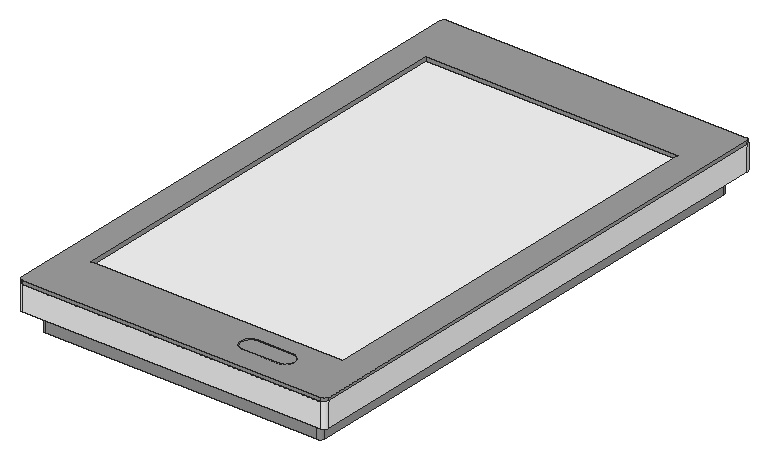
Revit family "Gira_207705", category Electrical Fixtures, host Face, Revit 2017
Family settings
  Host = Face
  Maintain Annotation Orientation = Yes
  Round Connector Dimension = Use Diameter
  Part Type = Normal
  Cut with Voids When Loaded = No
  Shared = No
  Room Calculation Point = No
Parameters (values of type "Gira G1 24 V Gira G1 black gl.")
  material_white = White
  material_black = Black
  With display = yes
  With anti-theft/dismantling protection = yes
  URL = "https://www.gira.de/"
  Type Comments = ""
  Transparent = no
  Temperature controller = yes
  Surface protection = "Sonstige (*de-DE)"
  Surface finishing = "Not applicable"
  Status-LED = yes
  Presence button = no
  Model = ""
  Material quality = "Sonstige (*de-DE)"
  Material = "Sonstige (*de-DE)"
  Manufacturer = "Gira"
  Keynote = ""
  Integrated DCF77 receiver = no
  IR sensor = no
  HeinzeBIM = "https://www.heinze.de/bim/gira-g1-24-v-gira-g1-black-gl-/3473432342bc8b360301786b060e44153b5fdd08"
  HAN = "207705"
  GTIN = "4010337014287"
  Description = "Gira G1 24V G1 GBk Gira G1 24 V,black glass The Gira G1 is a multi-functional room operating device for visualising and operating a variety of building functions. For use in the KNX system and Gira door communication system, or as client. The respective range of functions depends on the firmware used.    When used as a client, the KNX room operating device features are not available. For details on the exact scope of functions, please refer to the Gira online catalogue and the device's technical documentation.,Features: - Operation is via a gesture-capable multi-touch display. - Connection and communication are via LAN or WLAN, depending on the variant. - Integrated speaker. - Integrated microphone with echo compensation.    Potential applications and combinations: - As a multi-functional room operating device, the Gira G1 offers the following functions and function combinations: - KNX room operating device - Home station video - Integrates Internet services or as client for the following systems servers - HomeServer - eNet - X1 - Alarm Connect security system Properties as a KNX room operating device: - Intuitive user interface that can be adapted by the end user. - Switching and dimming (relative and absolute), dimming (incl. Dimming RGB, RGBW, and Tunable White), blind and roller shutter control, value transmitter, and scene auxiliary unit. - Status display, display of date and time, display of indoor and outdoor temperature. - Up to 150 functions (six function folders or rooms with up to 25 functions each). - Up to 125 seven-day timer with 10 switching times each. - Room temperature controller in combination with the temperature sensor module (available as an optional extra), or KNX devices for room temperature measurement, e.g. touch sensor 3 Komfort. - Operating modes: Comfort, standby, night, and frost or heat protection with their own temperature setpoint values (for heating and or cooling). - Operating modes can be adapted individually. - A heating clock as seven-day timer with 28 switching times. - Room temperature controller auxiliary unit for controlling air conditioning systems (fan coil) in conjunction with a KNX gateway for air conditioning systems. Properties as video home station: - Camera changeover: specific selection of connected colour cameras.  - Control of the door opener. - Switching the ringtone on and off. - Ring tone can be selected from a choice of 10 melodies. - Internal calls. Integration of Internet services: - Gira weather service: display of the weather forecast for up to five cities (internet connection required). Gira G1 can also be used as a client for the following systems servers (requires firmware update):: - HomeServer Client - eNet Client - X1 Client - Gira G1 with flush-mounted connection module 24 V WLAN for connecting to a suitable cable (e.g. to the second wire pair of the KNX bus line). - Data communication via WLAN.,Notes : - Suitable for indoor use only. - Recommended mounting height: 150 cm above floor. - Installation is performed on a deep device box (an electronics box is recommended for a LAN connection). - Communication with the KNX installation is exclusively via the KNXnet IP standard. - A KNX IP router must be used to connect the Gira G1 PoE to the KNX installation. Several Gira G1 units can be operated on one KNX IP router. - In order to ensure reliable communication via WLAN, a Gira KNX IP router (firmware version 3 and later) is required to connect the Gira G1 230 V or G1 24 V to the KNX installation. For this purpose the Gira KNX IP router (firmware version 3 and later) is specially equipped with the additional function Reliable data communication\". Several Gira G1 units can be operated on one Gira KNX IP router (firmware version 3 and later). - Hardware from index status I08 prepared for KNX Secure (additional firmware update required). - Commissioning in the KNX system from ETS 5.5 or higher. - Can be used as a home station in connection with the DCS-IP gateway. - When planning the system, please observe the technical information on network planning in the device documentation. - The Gira Project Assistant (GPA) is required for firmware updates. The GPA is available free of charge in the Gira download area. - Using the timers requires either an internet connection to a NTP time server or a KNX clock (e.g. Gira weather station Plus 2074 00). - When used as a Gira HomeServer client, the Gira G1's temperature sensor module is not supported. - For dimensioning the power supply, the total power consumption of all connected devices as well as the voltage drop in the supply network must always be considered.\""
  Default Elevation = 1219.2 mm
  Cost = 0
  Colour = "Black"
  Central functional unit for senders/actuators = yes
  Bus connection included = no
  BIMSITE_PRODUCT_ID = "3473432342bc8b360301786b060e44153b5fdd08"
  BIM = "https://media.live.bim.site/t/eyJhbGciOiJIUzI1NiIsInR5cCI6IkpXVCJ9.eyJjdCI6MSwidGYiOiJwdWJsaWMvZ2lyYS8wOWY1ZGI1L0dpcmFfRzEucmZhIiwiY2lkIjoiZmVkOThlOWEtMWJkOC00YzY4LWE3M2ItNzRhOTRlMzE1ODIzIiwicmlkIjoiY2FmNDZkMDc3NDE1NTcwZmM5MWVlZDcyZDQwNzVmZTIiLCJwaWQiOiIzNDczNDMyMzQyYmM4YjM2MDMwMTc4NmIwNjBlNDQxNTNiNWZkZDA4Iiwic2lkIjoiNjM0NzAiLCJ1dCI6NSwibGMiOiJlbiIsImlhdCI6MTYwNzQzMjA0MCwiaXNzIjoiaHR0cHM6Ly9hcGkubGl2ZS5iaW0uc2l0ZSIsInN1YiI6IjhkM2FhNWNiLWUwNjYtNDU5OC1iZTE2LTZlMTZlZTc0OTU2YSJ9.JrD-xs3KmSs_fpvzEHzmp6eOP_uj1Mxr7X3x818o9q8/Gira_G1.rfa"
  Assembly Code = ""
Reference planes
  plane 1 "Center (Front/Back)": y = 0
  plane 2: z = 0
  plane 3 "Center (Left/Right)": x = 0
Forms (mm)
  Extrusion 1, solid, material "White" <- "material_white", detail levels fine
    sketch origin (0, 0, 0) x (1, 0, 0) y (0, 1, 0)
      loop
        arc (-47, 84) -> (-48.061, 83.561) -> (-48.5, 82.5) r 1.5
        line (-48.5, 82.5) -> (-48.5, -82.5)
        arc (-48.5, -82.5) -> (-48.061, -83.561) -> (-47, -84) r 1.5
        line (-47, -84) -> (47, -84)
        arc (47, -84) -> (48.061, -83.561) -> (48.5, -82.5) r 1.5
        line (48.5, -82.5) -> (48.5, 82.5)
        arc (48.5, 82.5) -> (48.061, 83.561) -> (47, 84) r 1.5
        line (47, 84) -> (-47, 84)
    from 0 to 7.654
  Extrusion 2, solid, material "Black" <- "material_black", detail levels fine
    sketch origin (0, 0, 0) x (1, 0, 0) y (0, 1, 0)
      loop
        arc (44.153, 78.61) -> (43.716, 79.665) -> (42.661, 80.102) r 1.492
        line (42.661, 80.102) -> (-42.661, 80.102)
        arc (-42.661, 80.102) -> (-43.716, 79.665) -> (-44.153, 78.61) r 1.492
        line (-44.153, 78.61) -> (-44.153, -78.61)
        arc (-44.153, -78.61) -> (-43.716, -79.665) -> (-42.661, -80.102) r 1.492
        line (-42.661, -80.102) -> (42.661, -80.102)
        arc (42.661, -80.102) -> (43.716, -79.665) -> (44.153, -78.61) r 1.492
        line (44.153, -78.61) -> (44.153, 78.61)
    from 0 to -6.196
  Extrusion 3, solid, material "Black" <- "material_black", detail levels fine
    sketch origin (0, 0, 0) x (1, 0, 0) y (0, 1, 0)
      loop
        line (39.802, 66.02) -> (-39.802, 66.02) -> (-39.802, -66.02) -> (39.802, -66.02) -> (39.802, 66.02)
      loop
        line (47, 83.85) -> (-47, 83.85)
        arc (-47, 83.85) -> (-47.955, 83.455) -> (-48.35, 82.5) r 1.35
        line (-48.35, 82.5) -> (-48.35, -82.5)
        arc (-48.35, -82.5) -> (-47.955, -83.455) -> (-47, -83.85) r 1.35
        line (-47, -83.85) -> (47, -83.85)
        arc (47, -83.85) -> (47.955, -83.455) -> (48.35, -82.5) r 1.35
        line (48.35, -82.5) -> (48.35, 82.5)
        arc (48.35, 82.5) -> (47.955, 83.455) -> (47, 83.85) r 1.35
      loop
        arc (16.826, -70.87) -> (13.826, -73.87) -> (16.826, -76.87) r 3
        line (16.826, -76.87) -> (27.78, -76.87)
        arc (27.78, -76.87) -> (30.78, -73.87) -> (27.78, -70.87) r 3
        line (27.78, -70.87) -> (16.826, -70.87)
    from 6 to 8.604
  Extrusion 4, solid, material "Black" <- "material_black", detail levels fine
    sketch origin (0, 0, 0) x (1, 0, 0) y (0, 1, 0)
      loop
        line (27.78, -70.97) -> (16.826, -70.97)
        arc (16.826, -70.97) -> (13.926, -73.87) -> (16.826, -76.77) r 2.9
        line (16.826, -76.77) -> (27.78, -76.77)
        arc (27.78, -76.77) -> (30.68, -73.87) -> (27.78, -70.97) r 2.9
    from 6 to 8.5
  Extrusion 5, solid, material "Black" <- "material_black", detail levels medium
    sketch origin (0, 0, 0) x (1, 0, 0) y (0, 1, 0)
      loop
        line (44.153, 80.102) -> (-44.153, 80.102) -> (-44.153, -80.102) -> (44.153, -80.102) -> (44.153, 80.102)
    from 0 to -6.196
  Extrusion 6, solid, material "White" <- "material_white", detail levels medium
    sketch origin (0, 0, 0) x (1, 0, 0) y (0, 1, 0)
      loop
        line (-48.5, 84) -> (-48.5, -84) -> (48.5, -84) -> (48.5, 84) -> (-48.5, 84)
    from 0 to 7.654
  Extrusion 7, solid, material "Black" <- "material_black", detail levels medium
    sketch origin (0, 0, 0) x (1, 0, 0) y (0, 1, 0)
      loop
        line (48.35, 83.85) -> (-48.35, 83.85) -> (-48.35, -83.85) -> (48.35, -83.85) -> (48.35, 83.85)
    from 6 to 8.604
  Extrusion 8, solid, material "Black" <- "material_black", detail levels coarse
    sketch origin (0, 0, 0) x (1, 0, 0) y (0, 1, 0)
      loop
        line (48.5, 84) -> (-48.5, 84) -> (-48.5, -84) -> (48.5, -84) -> (48.5, 84)
    from -6.196 to 8.604
Dimensions and locks
  aligned and locked: plane 2 to host face
  aligned and locked: level to host face
  aligned and locked: plane 1 "Center (Front/Back)" to nested 1
  aligned and locked: plane 3 "Center (Left/Right)" to nested 1
Nested families
  nested 1: "symbol" at (0, 0, 0), type "symbol"
Connectors
  electrical at (0, 0, -6.196)
    settings: on Extrusion 8, index 1, voltage 230 V, apparent load 0 VA, apparent load phase1 0 VA, apparent load phase2 0 VA, apparent load phase3 0 VA, power factor 1, load classification "Other", number of poles 1, system type 30, power factor state 1, is connector primary yes, connector utility no, sub classification motor no, connector description ""
Definition of nested family "symbol"
  Reference planes
    plane 1: y = 0
    plane 2: x = 0
  Lines and regions (mm)
    Filled region 1, type "Gefüllter Bereich 1"
      outline origin (0, 0, 0) x (1, 0, 0) y (0, 1, 0)
        loop
          circle (-0.6, 2.4) r 0.4
    Filled region 2, type "Gefüllter Bereich 1"
      outline origin (0, 0, 0) x (1, 0, 0) y (0, 1, 0)
        loop
          circle (0.6, 2.4) r 0.4
    detail lines
      curve 1: line (0, 0, 0) -> (0, 2, 0)
      curve 2: line (0, 2, 0) -> (1.6, 2, 0)
      curve 3: line (1.6, 2, 0) -> (1.6, 3.6, 0)
      curve 4: circle (0.6, 2.4, 0) r 0.4 normal (0, 0, 1)
      curve 5: line (0, 2, 0) -> (-1.6, 2, 0)
      curve 6: line (-1.6, 2, 0) -> (-1.6, 3.6, 0)
      curve 7: circle (-0.6, 2.4, 0) r 0.4 normal (0, 0, -1)
